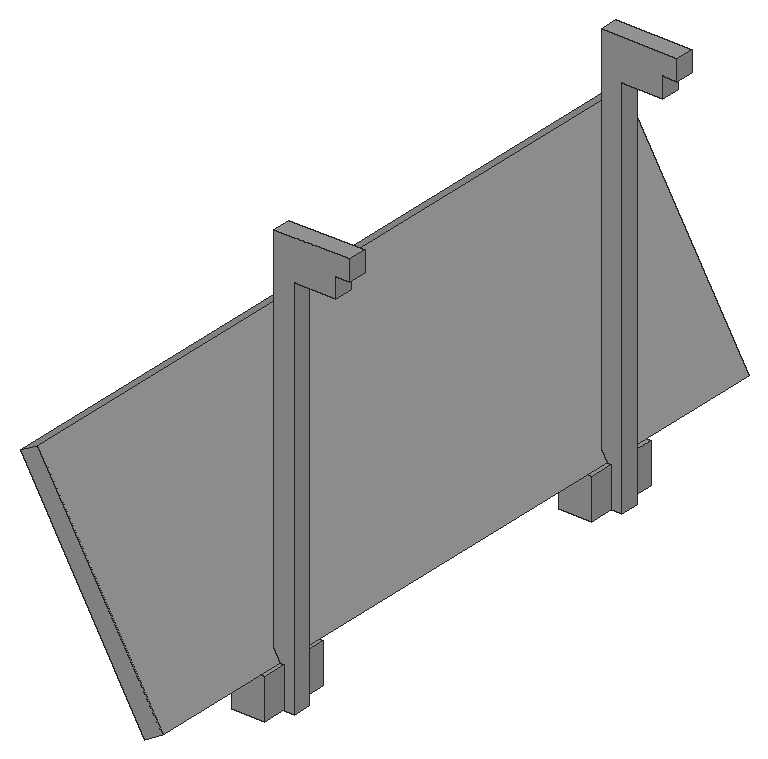
Revit family "牌匾", category 常规模型, Revit 2022
Family settings
  可将钢筋附着到主体 = 否
  圆形连接件大小 = 使用直径
  零件类型 = 标准
  基于工作平面 = 否
  总是垂直 = 是
  加载时剪切的空心 = 否
  保持注释方向 = 否
  共享 = 否
  房间计算点 = 否
Parameters
  默认高程 = 0 mm
Reference planes
  plane 1 "中心(前/后)": y = 0
  plane 2: z = 0
  plane 3 "中心(左/右)": x = 0
Forms (mm)
  Extrusion 1, solid, material "杉木"
    sketch origin (30014.383, -2848129.251, -49983.578) x (0, 1, 0) y (-0.5, 0, 0.866025)
      loop
        line (687.317, 2102.466) -> (-1112.683, 2102.466) -> (-1112.683, 1490.802) -> (687.317, 1490.802) -> (687.317, 2102.466)
    from 0 to 50
Dimensions and locks
  aligned and locked: level to plane 2
Nested families
  nested 1: "族7" at (29671.537, -2848921.934, -50971.561), type "族7"
  nested 2: "族7" at (29671.456, -2847916.934, -50971.892), type "族7"
Definition of nested family "族7"
  Parameters
    Default Elevation = 0 mm
  Reference planes
    plane 1 "中心(前/后)": y = 0
    plane 2: z = 0
    plane 3 "中心(左/右)": x = 0
  Forms (mm)
    Extrusion 1, solid
      sketch origin (-373.024, -4384.519, -960.948) x (0, 1, 0) y (0, 0, 1)
        loop
          line (4470.489, 4214.84) -> (4425.489, 4214.84) -> (4425.489, 3164.84) -> (4470.489, 3164.84) -> (4470.489, 4214.84)
      from 0 to 50
    Extrusion 2, solid
      sketch origin (0, 0, 0) x (1, 0, 0) y (0, 0, 1)
        loop
          line (-323.024, 3253.892) -> (-323.024, 3153.892) -> (-221.034, 3153.892) -> (-221.034, 3203.892) -> (-187.403, 3203.892) -> (-187.403, 3253.892) -> (-323.024, 3253.892)
      from -85.97 to -40.97
    Extrusion 3, solid
      sketch origin (-428.741, 589.441, 7.739) x (0, 1, 0) y (0, 0, 1)
        loop
          line (-428.47, 2296.474) -> (-608.47, 2296.474) -> (-608.47, 2196.474) -> (-428.47, 2196.474) -> (-428.47, 2296.474)
      from 0 to 80
    Extrusion 4, void
      sketch origin (0, 0, 0) x (1, 0, 0) y (0, 0, 1)
        loop
          line (-418.506, 2304.212) -> (-403.04, 2279.462) -> (-358.506, 2304.212) -> (-418.506, 2304.212)
      from -248.679 to 141.073
    Extrusion 5, void
      sketch origin (0, 0, 0) x (1, 0, 0) y (0, 0, 1)
        loop
          line (-358.506, 2304.212) -> (-373.024, 2330.335) -> (-373.024, 2304.212) -> (-358.506, 2304.212)
      from -134.951 to 19.03
  Cuts and joins
    Extrusion 4, Extrusion 5 cuts Extrusion 1
    Extrusion 4 cuts Extrusion 2
    Extrusion 4 cuts Extrusion 3
    joined: Extrusion 1, Extrusion 2, Extrusion 3
  Dimensions and locks
    aligned and locked: level to plane 2
